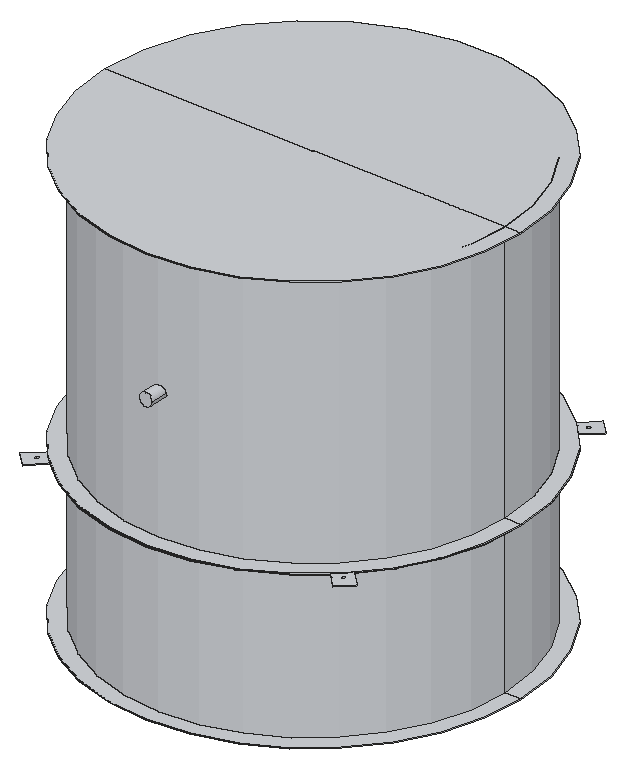
Revit family "AFDV-C_Downblast_Floor_Mount", category Mechanical Equipment, Revit 2019
Family settings
  Round Connector Dimension = Use Radius
  Part Type = Normal
  Work Plane-Based = No
  Always vertical = Yes
  Cut with Voids When Loaded = No
  Shared = No
  Room Calculation Point = No
Parameters (values of type "60_AFDV-C_DOWNBLAST_FLOOR")
  VANE = 2' - 1"
  Unit Weight [instance] = ""
  ModelID [instance] = ""
  L/2 = L / 2  # 2' - 0 17/32"
  L = 4' - 1 1/16"
  K/2 = K / 2  # 0' - 0 7/32"
  K = 0' - 0 7/16"
  J/2 = J / 2  # 2' - 10 11/16"
  Accessories [instance] = ""
  45 = 45.00°  # constant formula
  (L-1")/2 = (L - 0' 1") / 2  # 2' - 0 1/32"
  (J+(J-A))/2 = (J + ((J - A) / 2)) / 2  # 3' - 0 11/16"
  J = 5' - 9 3/8"
  CENTER = 0' - 0"  # constant formula
  H-(A/2) = H - (A / 2)  # 2' - 0 1/16"
  H+J = H + CENTER  # 4' - 6 3/4"
  H = 4' - 6 3/4"
  Sones [instance] = ""
  Motor RPM [instance] = ""
  Motor Enclosure [instance] = ""
  LwA [instance] = ""
  G = 12' - 0"
  Fan RPM [instance] = ""
  F/2 = F / 2  # 0' - 1 1/2"
  F = 0' - 3"
  E/2 = E / 2  # 1' - 9"
  E-2" = E - 0' 2"  # 3' - 4"
  E = 3' - 6"
  C/2+J = C / 2 + CENTER  # 2' - 7 13/16"
  C/2 = C / 2  # 2' - 7 13/16"
  C = 5' - 3 5/8"
  B/2 = B / 2  # 2' - 9 3/8"
  B = 5' - 6 3/4"
  A/3 = A / 2.5  # 2' - 0.55"
  A/2 = A / 2  # 2' - 6 11/16"
  A = 5' - 1 3/8"
  60 = 60.00°  # constant formula
  30 = 30.00°  # constant formula
  3" = 0' - 3"  # constant formula
  Brake Hp [instance] = ""
  4" = 0' - 4"  # constant formula
  2' = 2' - 0"
  2" = 0' - 2"  # constant formula
  1" = 0' - 1"  # constant formula
  0 = 0' - 0"  # constant formula
  Voltage [instance] = 0 V
  URL = "www.lorencook.com"
  Type Comments = "Tube Axial Fan Downblast Floor Mount Direct Drive Arrangement 4"  # constant formula
  Static Pressure [instance] = 0.00 in-wg
  Power [instance] = Voltage * Motor FLA * sqrt(if(Phase = 3, 3, 1))  # 0 VA
  Phase [instance] = 0
  Number of Poles [instance] = 1
  Motor Hp [instance] = "0"
  Motor FLA [instance] = 0 A
  Model = "AFDV-C"  # constant formula
  Manufacturer = "Loren Cook Company"
  CFM [instance] = 0 CFM
  1.5 = 0' - 1 1/2"  # constant formula
  ONE EIGTH = 0' - 0 1/8"  # constant formula
  -E/2 = -E / 2  # -1' - 9"
  -(E-.25")/2 = -(E - 0' 0 1/4") / 2  # -1' - 8 7/8"
  (K/2)-((J-A-.25")/2) = (K / 2) - ((J - A - 0' 0 1/4") / 2)  # -0' - 3 21/32"
  (J-A-.25") = (J - A - 0' 0 1/4")  # 0' - 7 3/4"
  (H-(A/2))/2 = (H - (A / 2)) / 2  # 1' - 0 1/32"
  (E-.25")/2 = (E - 0' 0 1/4") / 2  # 1' - 8 7/8"
  (A+.25")/2 = (A + 0' 0 1/4") / 2  # 2' - 6 13/16"
Types (12): name | VANE | L/2 | L | K/2 | K | J/2 | (L-1")/2 | (J+(J-A))/2 | J | H-(A/2) | H+J | H | G | F/2 | F | E/2 | E-2" | E | C/2+J | C/2 | C | B/2 | B | A/3 | A/2 | A | -E/2 | -(E-.25")/2 | (K/2)-((J-A-.25")/2) | (J-A-.25") | (H-(A/2))/2 | (E-.25")/2 | (A+.25")/2
  (no name) | 2' - 1" | 2' - 0 17/32" | 4' - 1 1/16" | 0' - 0 7/32" | 0' - 0 7/16" | 2' - 10 11/16" | 2' - 0 1/32" | 3' - 0 11/16" | 5' - 9 3/8" | 2' - 0 1/16" | 4' - 6 3/4" | 4' - 6 3/4" | 12' - 0" | 0' - 1 1/2" | 0' - 3" | 1' - 9" | 3' - 4" | 3' - 6" | 2' - 7 13/16" | 2' - 7 13/16" | 5' - 3 5/8" | 2' - 9 3/8" | 5' - 6 3/4" | 2' - 0.55" | 2' - 6 11/16" | 5' - 1 3/8" | -1' - 9" | -1' - 8 7/8" | -0' - 3 21/32" | 0' - 7 3/4" | 1' - 0 1/32" | 1' - 8 7/8" | 2' - 6 13/16"
  12_AFDV-C_DOWNBLAST_FLOOR | 0' - 6" | 0' - 6 3/8" | 1' - 0 3/4" | 0' - 0 3/16" | 0' - 0 3/8" | 0' - 9 1/32" | 0' - 5 7/8" | 0' - 10 21/64" | 1' - 6 1/16" | 1' - 6 3/16" | 2' - 0 5/8" | 2' - 0 5/8" | 6' - 0" | 0' - 0 5/32" | 0' - 0 5/16" | 0' - 11" | 1' - 8" | 1' - 10" | 0' - 7 5/16" | 0' - 7 5/16" | 1' - 2 5/8" | 0' - 7 13/16" | 1' - 3 5/8" | 0' - 5.15" | 0' - 6 7/16" | 1' - 0 7/8" | -0' - 11" | -0' - 10 7/8" | -0' - 2 9/32" | 0' - 4 15/16" | 0' - 9 3/32" | 0' - 10 7/8" | 0' - 6 9/16"
  16_AFDV-C_DOWNBLAST_FLOOR | 0' - 10" | 0' - 7 13/16" | 1' - 3 5/8" | 0' - 0 3/16" | 0' - 0 3/8" | 0' - 11 1/32" | 0' - 7 5/16" | 1' - 0 21/64" | 1' - 10 1/16" | 1' - 9 11/16" | 2' - 6 1/8" | 2' - 6 1/8" | 6' - 0" | 0' - 0 5/32" | 0' - 0 5/16" | 1' - 0 1/2" | 1' - 11" | 2' - 1" | 0' - 9 5/16" | 0' - 9 5/16" | 1' - 6 5/8" | 0' - 9 13/16" | 1' - 7 5/8" | 0' - 6 3/4" | 0' - 8 7/16" | 1' - 4 7/8" | -1' - 0 1/2" | -1' - 0 3/8" | -0' - 2 9/32" | 0' - 4 15/16" | 0' - 10 27/32" | 1' - 0 3/8" | 0' - 8 9/16"
  18_AFDV-C_DOWNBLAST_FLOOR | 0' - 11" | 0' - 8 1/2" | 1' - 5" | 0' - 0 3/16" | 0' - 0 3/8" | 1' - 0 1/32" | 0' - 8" | 1' - 1 21/64" | 2' - 0 1/16" | 1' - 9 11/16" | 2' - 7 1/8" | 2' - 7 1/8" | 6' - 0" | 0' - 0 5/32" | 0' - 0 5/16" | 1' - 0 1/2" | 1' - 11" | 2' - 1" | 0' - 10 5/16" | 0' - 10 5/16" | 1' - 8 5/8" | 0' - 10 13/16" | 1' - 9 5/8" | 0' - 7.55" | 0' - 9 7/16" | 1' - 6 7/8" | -1' - 0 1/2" | -1' - 0 3/8" | -0' - 2 9/32" | 0' - 4 15/16" | 0' - 10 27/32" | 1' - 0 3/8" | 0' - 9 9/16"
  24_AFDV-C_DOWNBLAST_FLOOR | 1' - 1" | 0' - 10 7/8" | 1' - 9 3/4" | 0' - 0 3/16" | 0' - 0 3/8" | 1' - 3 13/32" | 0' - 10 3/8" | 1' - 4 57/64" | 2' - 6 13/16" | 2' - 3 7/16" | 3' - 3 7/8" | 3' - 3 7/8" | 6' - 0" | 0' - 0 7/32" | 0' - 0 7/16" | 1' - 3 1/2" | 2' - 5" | 2' - 7" | 1' - 1 7/16" | 1' - 1 7/16" | 2' - 2 7/8" | 1' - 2 9/16" | 2' - 5 1/8" | 0' - 9.95" | 1' - 0 7/16" | 2' - 0 7/8" | -1' - 3 1/2" | -1' - 3 3/8" | -0' - 2 21/32" | 0' - 5 11/16" | 1' - 1 23/32" | 1' - 3 3/8" | 1' - 0 9/16"
  28_AFDV-C_DOWNBLAST_FLOOR | 1' - 1" | 1' - 0 5/16" | 2' - 0 5/8" | 0' - 0 3/16" | 0' - 0 3/8" | 1' - 5 13/32" | 0' - 11 13/16" | 1' - 6 57/64" | 2' - 10 13/16" | 2' - 3 7/16" | 3' - 5 7/8" | 3' - 5 7/8" | 6' - 0" | 0' - 0 7/32" | 0' - 0 7/16" | 1' - 3 1/2" | 2' - 5" | 2' - 7" | 1' - 3 7/16" | 1' - 3 7/16" | 2' - 6 7/8" | 1' - 4 9/16" | 2' - 9 1/8" | 0' - 11.55" | 1' - 2 7/16" | 2' - 4 7/8" | -1' - 3 1/2" | -1' - 3 3/8" | -0' - 2 21/32" | 0' - 5 11/16" | 1' - 1 23/32" | 1' - 3 3/8" | 1' - 2 9/16"
  32_AFDV-C_DOWNBLAST_FLOOR | 1' - 3" | 1' - 2 1/8" | 2' - 4 1/4" | 0' - 0 7/32" | 0' - 0 7/16" | 1' - 7 31/32" | 1' - 1 5/8" | 1' - 9 45/64" | 3' - 3 15/16" | 2' - 4 3/4" | 3' - 9 1/4" | 3' - 9 1/4" | 6' - 0" | 0' - 0 7/32" | 0' - 0 7/16" | 1' - 5" | 2' - 8" | 2' - 10" | 1' - 5 1/2" | 1' - 5 1/2" | 2' - 11" | 1' - 6 5/8" | 3' - 1 1/4" | 1' - 1.2" | 1' - 4 1/2" | 2' - 9" | -1' - 5" | -1' - 4 7/8" | -0' - 3 1/8" | 0' - 6 11/16" | 1' - 2 3/8" | 1' - 4 7/8" | 1' - 4 5/8"
  36_AFDV-C_DOWNBLAST_FLOOR | 1' - 4" | 1' - 3 17/32" | 2' - 7 1/16" | 0' - 0 7/32" | 0' - 0 7/16" | 1' - 9 31/32" | 1' - 3 1/32" | 1' - 11 45/64" | 3' - 7 15/16" | 2' - 4 3/4" | 3' - 11 1/4" | 3' - 11 1/4" | 6' - 0" | 0' - 0 7/32" | 0' - 0 7/16" | 1' - 5" | 2' - 8" | 2' - 10" | 1' - 7 1/2" | 1' - 7 1/2" | 3' - 3" | 1' - 8 11/16" | 3' - 5 3/8" | 1' - 2.8" | 1' - 6 1/2" | 3' - 1" | -1' - 5" | -1' - 4 7/8" | -0' - 3 1/8" | 0' - 6 11/16" | 1' - 2 3/8" | 1' - 4 7/8" | 1' - 6 5/8"
  44_AFDV-C_DOWNBLAST_FLOOR | 1' - 7" | 1' - 6 3/8" | 3' - 0 3/4" | 0' - 0 7/32" | 0' - 0 7/16" | 2' - 2" | 1' - 5 7/8" | 2' - 3 3/4" | 4' - 4" | 3' - 0 1/4" | 4' - 10 3/4" | 4' - 10 3/4" | 12' - 0" | 0' - 0 7/32" | 0' - 0 7/16" | 1' - 9" | 3' - 4" | 3' - 6" | 1' - 11 3/4" | 1' - 11 3/4" | 3' - 11 1/2" | 2' - 0 11/16" | 4' - 1 3/8" | 1' - 6" | 1' - 10 1/2" | 3' - 9" | -1' - 9" | -1' - 8 7/8" | -0' - 3 5/32" | 0' - 6 3/4" | 1' - 6 1/8" | 1' - 8 7/8" | 1' - 10 5/8"
  48_AFDV-C_DOWNBLAST_FLOOR | 1' - 10" | 1' - 8 3/16" | 3' - 4 3/8" | 0' - 0 7/32" | 0' - 0 7/16" | 2' - 4 9/16" | 1' - 7 11/16" | 2' - 6 9/16" | 4' - 9 1/8" | 3' - 0 3/16" | 5' - 0 3/4" | 5' - 0 3/4" | 12' - 0" | 0' - 0 7/32" | 0' - 0 7/16" | 1' - 9" | 3' - 4" | 3' - 6" | 2' - 1 13/16" | 2' - 1 13/16" | 4' - 3 5/8" | 2' - 2 3/4" | 4' - 5 1/2" | 1' - 7.65" | 2' - 0 9/16" | 4' - 1 1/8" | -1' - 9" | -1' - 8 7/8" | -0' - 3 21/32" | 0' - 7 3/4" | 1' - 6 3/32" | 1' - 8 7/8" | 2' - 0 11/16"
  54_AFDV-C_DOWNBLAST_FLOOR | 1' - 11" | 1' - 10 1/2" | 3' - 9" | 0' - 0 7/32" | 0' - 0 7/16" | 2' - 7 13/16" | 1' - 10" | 2' - 9 7/8" | 5' - 3 5/8" | 2' - 0 1/16" | 4' - 3 3/4" | 4' - 3 3/4" | 12' - 0" | 0' - 0 7/32" | 0' - 0 7/16" | 1' - 9" | 3' - 4" | 3' - 6" | 2' - 4 13/16" | 2' - 4 13/16" | 4' - 9 5/8" | 2' - 6 3/8" | 5' - 0 3/4" | 1' - 10.15" | 2' - 3 11/16" | 4' - 7 3/8" | -1' - 9" | -1' - 8 7/8" | -0' - 3 25/32" | 0' - 8" | 1' - 0 1/32" | 1' - 8 7/8" | 2' - 3 13/16"
  60_AFDV-C_DOWNBLAST_FLOOR | 2' - 1" | 2' - 0 17/32" | 4' - 1 1/16" | 0' - 0 7/32" | 0' - 0 7/16" | 2' - 10 11/16" | 2' - 0 1/32" | 3' - 0 11/16" | 5' - 9 3/8" | 2' - 0 1/16" | 4' - 6 3/4" | 4' - 6 3/4" | 12' - 0" | 0' - 1 1/2" | 0' - 3" | 1' - 9" | 3' - 4" | 3' - 6" | 2' - 7 13/16" | 2' - 7 13/16" | 5' - 3 5/8" | 2' - 9 3/8" | 5' - 6 3/4" | 2' - 0.55" | 2' - 6 11/16" | 5' - 1 3/8" | -1' - 9" | -1' - 8 7/8" | -0' - 3 21/32" | 0' - 7 3/4" | 1' - 0 1/32" | 1' - 8 7/8" | 2' - 6 13/16"
Reference planes (in)
  plane 1 "Center (Front/Back)": y = 0
  plane 2: z = 0
  plane 3 "Center (Left/Right)": x = 0.40541
Forms (in)
  Revolve 1, solid
    sketch origin (0, 0, 0) x (1, 0, 0) y (0, 0, 1)
      loop
        line (0.40541, -21) -> (33.78041, -21) -> (33.78041, -20.875) -> (31.21791, -20.875) -> (31.21791, 20.875) -> (33.78041, 20.875) -> (33.78041, 21) -> (0.40541, 21) -> (0.40541, -21)
      axis (0.40541, -21) -> (0.40541, 21)
    angle from 0 to 360
  Extrusion 2, void
    sketch origin (0, 0, 0) x (1, 0, 0) y (0, 1, 0)
      loop
        circle (0.40541, 0) r 0.125
    from -21 <- "-E/2" to 21 <- "E/2"
  Extrusion 3, solid
    sketch origin (0.40541, 0, -20.875) x (1, 0, 0) y (0, 1, 0)
      loop
        arc (-24.85963, 26.98095) -> (-25.94198, 25.94198) -> (-26.98095, 24.85963) r 36.6875
        line (-26.98095, 24.85963) -> (-24.6365, 22.51518)
        arc (-24.6365, 22.51518) -> (-23.59969, 23.59969) -> (-22.51518, 24.6365) r 33.375
        line (-22.51518, 24.6365) -> (-24.85963, 26.98095)
      loop
        arc (24.85963, -26.98095) -> (25.94198, -25.94198) -> (26.98095, -24.85963) r 36.6875
        line (26.98095, -24.85963) -> (24.6365, -22.51518)
        arc (24.6365, -22.51518) -> (23.59969, -23.59969) -> (22.51518, -24.6365) r 33.375
        line (22.51518, -24.6365) -> (24.85963, -26.98095)
      loop
        arc (-26.98095, -24.85963) -> (-25.94198, -25.94198) -> (-24.85963, -26.98095) r 36.6875
        line (-24.85963, -26.98095) -> (-22.51518, -24.6365)
        arc (-22.51518, -24.6365) -> (-23.59969, -23.59969) -> (-24.6365, -22.51518) r 33.375
        line (-24.6365, -22.51518) -> (-26.98095, -24.85963)
      loop
        arc (26.98095, 24.85963) -> (25.94198, 25.94198) -> (24.85963, 26.98095) r 36.6875
        line (24.85963, 26.98095) -> (22.51518, 24.6365)
        arc (22.51518, 24.6365) -> (23.59969, 23.59969) -> (24.6365, 22.51518) r 33.375
        line (24.6365, 22.51518) -> (26.98095, 24.85963)
    from 0 to -0.125
  Extrusion 4, void
    sketch origin (0, 0, 0) x (1, 0, 0) y (0, 1, 0)
      loop
        circle (24.93666, 24.53125) r 0.21875
      loop
        circle (-24.12584, 24.53125) r 0.21875
      loop
        circle (-24.12584, -24.53125) r 0.21875
      loop
        circle (24.93666, -24.53125) r 0.21875
    from 21 <- "E/2" to -21 <- "-E/2"
  Extrusion 5, solid
    sketch origin (0, 0, 0) x (1, 0, 0) y (0, 0, 1)
      loop
        circle (0.40541, 0) r 1
    from 0 to 33.375 <- "B/2"
  Revolve 6, solid
    sketch origin (0, 0, 0) x (1, 0, 0) y (0, 0, 1)
      loop
        line (-32.96959, -21) -> (-32.96959, -21.125) -> (-30.40709, -21.125) -> (-30.40709, -45.875) -> (-32.96959, -45.875) -> (-32.96959, -46) -> (-30.28209, -46) -> (-30.28209, -21) -> (-32.96959, -21)
      axis (0.40541, -21) -> (0.40541, -46)
    angle from 0 to 360
Cuts and joins
  Extrusion 2, Extrusion 4 cuts Revolve 1
  Extrusion 4 cuts Extrusion 3
Dimensions and locks (in)
  "0": Revolve 1 sketch curve to plane 3 "Center (Left/Right)"  (x2)
  "(A+.25")/2": Revolve 1 sketch curve to plane 3 "Center (Left/Right)"
  "B/2": Revolve 1 sketch curve to plane 3 "Center (Left/Right)"  (x2)
  "ONE EIGTH": Revolve 1 sketch curve to Revolve 1 sketch curve  (x2)
  "E": Revolve 1 sketch curve to Revolve 1 sketch curve
  "E/2": level to Revolve 1 sketch curve
  "0": Extrusion 2 sketch curve to plane 3 "Center (Left/Right)"
  "0": plane 1 "Center (Front/Back)" to Extrusion 2 sketch curve
  "0": Extrusion 3 sketch curve to plane 3 "Center (Left/Right)"  (x8)
  "0": Extrusion 3 sketch curve to plane 1 "Center (Front/Back)"  (x8)
  "1.5": plane 3 "Center (Left/Right)" to Extrusion 3 sketch curve  (x3)
  "3"": Extrusion 3 sketch curve to Extrusion 3 sketch curve  (x4)
  "1.5": Extrusion 3 sketch curve to plane 3 "Center (Left/Right)"
  "L/2": plane 3 "Center (Left/Right)" to Extrusion 4 sketch curve  (x4)
  "L/2": plane 1 "Center (Front/Back)" to Extrusion 4 sketch curve  (x4)
  "0": Extrusion 5 sketch curve to plane 3 "Center (Left/Right)"
  "0": Extrusion 5 sketch curve to level
  "0": Revolve 6 sketch curve to plane 3 "Center (Left/Right)"
  "(A+.25")/2": plane 3 "Center (Left/Right)" to Revolve 6 sketch curve
  "B/2": plane 3 "Center (Left/Right)" to Revolve 6 sketch curve  (x2)
  "ONE EIGTH": Revolve 6 sketch curve to Revolve 6 sketch curve  (x3)
  "0": cut or joined group of Revolve 1, Extrusion 2, Extrusion 4 to Revolve 6 sketch curve
  "VANE": Revolve 6 sketch curve to Revolve 6 sketch curve
  "ONE EIGTH": radius of Extrusion 2 sketch curve
  "(J+(J-A))/2": radius of Extrusion 3 sketch curve  (x4)
  "B/2": radius of Extrusion 3 sketch curve  (x4)
  "K/2": radius of Extrusion 4 sketch curve  (x4)
  "1"": radius of Extrusion 5 sketch curve
  "45": angle Extrusion 3 sketch curve to plane 3 "Center (Left/Right)"
  "45": angle Extrusion 3 sketch curve to plane 1 "Center (Front/Back)"  (x2)
  "45": angle plane 1 "Center (Front/Back)" to Extrusion 3 sketch curve
Automatic sketch dimensions
  Revolve 1 sketch curve to Revolve 1 sketch curve = 0' - 0"
  Revolve 1 sketch curve to Revolve 1 sketch curve = 1' - 6"
  Revolve 6 sketch curve to Revolve 6 sketch curve = 0' - 11"
  Revolve 6 sketch curve to Revolve 6 sketch curve = 1' - 8"
Connectors (in)
  hvac at (0.40541, 0, 20.875), driven by "A/2"
    settings: on Revolve 1, index 2, duct flow 0 CFM, flow factor 0, pres drop 0.00 in-wg, loss coef 0, conn angle 0.00°, conn width 12", conn height 12", conn diameter 61 3/8", duct sys type 29, conn prof type 0, flow config 0, flow direction 1, loss method 0, conn ref index -1, conn util no, is conn primary yes, conn desc ""
  electrical at (0.40541, -33.375, 0)
    settings: on Extrusion 5, index 5, voltage 0 V, apparent load 0 VA, apparent load phase1 0 VA, apparent load phase2 0 VA, apparent load phase3 0 VA, power factor 1, load classification "Other", number of poles 1, system type 30, power factor state 1, is connector primary yes, connector utility no, sub classification motor no, connector description ""
  hvac at (0.40541, 0, -46), driven by "A/2"
    settings: on Revolve 6, index 6, duct flow 0 CFM, flow factor 0, pres drop 0.00 in-wg, loss coef 0, conn angle 0.00°, conn width 12", conn height 12", conn diameter 61 3/8", duct sys type 29, conn prof type 0, flow config 0, flow direction 2, loss method 0, conn ref index -1, conn util no, is conn primary no, conn desc ""
